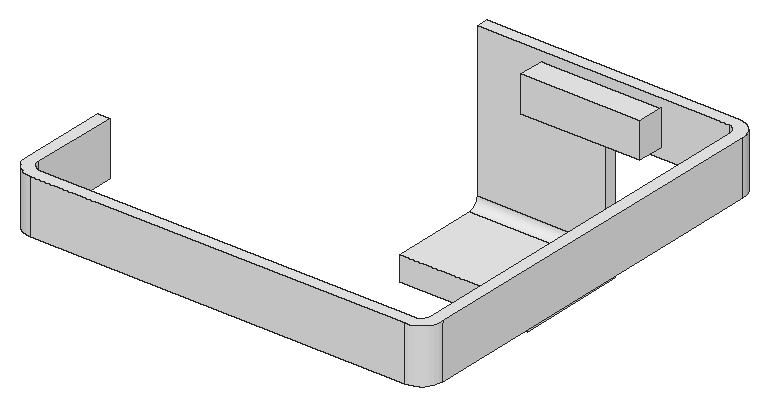
Revit family "Towel-Ring-Delta-Vero", category Furniture, host Face, Revit 2012
Parameters (values of type "Chrome")
  z Width = 6.500"  # constant formula
  z Type = 1
  z Offset = 0.000"  # constant formula
  z Height = 2.900"  # constant formula
  z Depth = 6.500"  # constant formula
  Width = z Width  # 6.500"
  URL = "http://www.deltafaucet.com/index.html"
  Product Page URL = "http://www.deltafaucet.com/bath/details/77746.html"
  Product Material = Chrome - Delta - Polished
  Product Documentation Link = "http://www.deltafaucet.com/media/SpecSheet/DSP-A-77746_Rev_B.pdf"
  Part Number [instance] = Model  # "77746"
  Part Description [instance] = Description  # "Vero Towel Ring, Chrome"
  Model Disclaimer = "Contact Delta Faucet Company for More Information"  # constant formula
  Model = if(z Type = 1, "77746", if(z Type = 2, "77746-CZ", if(z Type = 3, "77746-RB", if(z Type = 4, "77746-SS", "Not Available"))))  # "77746"
  Manufacturer = "Delta Faucet Company"  # constant formula
  Height = z Depth  # 6.500"
  Family Version = "1.0"  # constant formula
  Equipment Number [instance] = ""
  Equipment Abbreviation = "TR"
  Description = if(z Type = 1, "Vero Towel Ring, Chrome", if(z Type = 2, "Vero Towel Ring, Champagne Bronze", if(z Type = 3, "Vero Towel Ring, Venetian Bronze", if(z Type = 4, "Vero Towel Ring, Stainless", "Not Available"))))  # "Vero Towel Ring, Chrome"
  Depth = z Height  # 2.900"
  Default Elevation = 48.000"
  Date Modified = "July 17, 2015"  # constant formula
  Date Created = "July 17, 2015"  # constant formula
  Copyright = "Copyright ©2015 Delta Faucet Company"  # constant formula
Types (5): name | z Type | Product Page URL | Product Material | Part Number | Part Description | Model | Description
  (no name) | 1 | "http://www.deltafaucet.com/bath/details/77746.html" | Chrome - Delta - Polished | "77746" | "Vero Towel Ring, Chrome" | "77746" | "Vero Towel Ring, Chrome"
  Chrome | 1 | "http://www.deltafaucet.com/bath/details/77746.html" | Chrome - Delta - Polished | "77746" | "Vero Towel Ring, Chrome" | "77746" | "Vero Towel Ring, Chrome"
  Champagne Bronze | 2 | "http://www.deltafaucet.com/bath/details/77746-cz.html" | Bronze - Delta - Champagne | "77746-CZ" | "Vero Towel Ring, Champagne Bronze" | "77746-CZ" | "Vero Towel Ring, Champagne Bronze"
  Venetian Bronze | 3 | "http://www.deltafaucet.com/bath/details/77746-rb.html" | Bronze - Delta - Venetian | "77746-RB" | "Vero Towel Ring, Venetian Bronze" | "77746-RB" | "Vero Towel Ring, Venetian Bronze"
  Stainless | 4 | "http://www.deltafaucet.com/bath/details/77746-ss.html" | Stainless Steel - Delta - Polished | "77746-SS" | "Vero Towel Ring, Stainless" | "77746-SS" | "Vero Towel Ring, Stainless"
Reference planes (in)
  plane 1 "Center (Front/Back)": y = 0
  plane 2 "Center (Elevation)": z = 0
  plane 3 "Center (Left/Right)": x = 0
  plane 4: x = -3.25
  plane 5: x = 3.25
  plane 6: y = 0.85
  plane 7: y = -5.65
  plane 8: z = 0
  plane 9: z = 2.9
  plane 10: x = -1
  plane 11: x = 1
  plane 12: y = -0.85
  plane 13: y = 0.665
  plane 14: x = 3.065
  plane 15: y = -5.465
  plane 16: x = -3.065
  plane 17: x = -2.915
  plane 18: x = 2.915
  plane 19: y = 0.515
  plane 20: y = -5.315
  plane 21: z = 0.375
  plane 22: z = 0.525
  plane 23: z = 2.755
  plane 24: z = 2.205
  plane 25: x = 1.85536
  plane 26: y = 0.265
  plane 27: y = -3.92343
Forms (in)
  Sweep 1, solid, material "Chrome - Delta - Polished" <- "Product Material"
    path origin (0, 0, 0) x (1, 0, 0) y (0, 1, 0)
      loop
        line (-1, 0.665) -> (2.915, 0.665)
        arc (2.915, 0.665) -> (3.02107, 0.62107) -> (3.065, 0.515) r 0.15
        line (3.065, 0.515) -> (3.065, -5.315)
        arc (3.065, -5.315) -> (3.02107, -5.42107) -> (2.915, -5.465) r 0.15
        line (2.915, -5.465) -> (-2.915, -5.465)
        arc (-2.915, -5.465) -> (-3.02107, -5.42107) -> (-3.065, -5.315) r 0.15
        line (-3.065, -5.315) -> (-3.065, -3.92343)
    profile origin (0.9575, 0.665, 0) x (0, 1, 0) y (0, 0, 1)
      loop
        line (0.185, 2.9) -> (0, 2.9) -> (0, 2.05652) -> (0.185, 2.05652) -> (0.185, 2.9)
  Extrusion 2, solid, material "Chrome - Delta - Polished" <- "Product Material"
    sketch origin (0, 0, 0) x (0, 1, 0) y (0, 0, 1)
      loop
        line (-0.85, 0) -> (0.85, 0) -> (0.85, 2.9) -> (0.665, 2.9) -> (0.665, 0.525)
        arc (0.665, 0.525) -> (0.62107, 0.41893) -> (0.515, 0.375) r 0.15
        line (0.515, 0.375) -> (-0.85, 0.375) -> (-0.85, 0)
    from -1 to 1
  Extrusion 3, solid, material "Chrome - Delta - Polished" <- "Product Material", detail levels fine
    sketch origin (0, 0, 0) x (1, 0, 0) y (0, 0, 1)
      loop
        line (0, 2.755) -> (0, 2.205) -> (1.85536, 2.205) -> (1.85536, 2.755) -> (0, 2.755)
    from -0.665 to -0.265
Cuts and joins
  joined: Sweep 1, Extrusion 2
Lines and regions (in)
  Masking region 1
    outline origin (0, 0, 0) x (1, 0, 0) y (0, 0, 1)
      loop
        line (-3.25, 2.9) -> (-3.25, 2.205) -> (-1, 2.205) -> (-1, 0) -> (1, 0) -> (1, 2.205) -> (3.25, 2.205) -> (3.25, 2.9) -> (-3.25, 2.9)
  symbolic lines, detail levels fine
    curve 1: line (-1, 0.85, 2.9) -> (-1, 0.85, 2.205)
    curve 2: line (-3.065, 0.85, 2.9) -> (-3.065, 0.85, 2.205)
Dimensions and locks (in)
  "z Width": plane 4 to plane 5
  "z Depth": plane 7 to plane 6
  "z Height": plane 9 to plane 8
  "z Offset": plane 8 to plane 2 "Center (Elevation)"
  equal spacing: plane 4, plane 3 "Center (Left/Right)", plane 5
  plane 7 to plane 15 to plane 20 to plane 27 = 0.185" locked, 0.150" locked, 1.39157" locked
  plane 12 to plane 26 to plane 19 to plane 13 to plane 6 = 1.115" locked, 0.250" locked, 0.150" locked, 0.185" locked
  locked: plane 1 "Center (Front/Back)" to plane 6 at 0.85
  plane 4 to plane 16 to plane 17 to plane 10 = 0.185" locked, 0.150" locked, 1.915" locked
  plane 11 to plane 25 to plane 18 to plane 14 to plane 5 = 0.85536" locked, 1.05964" locked, 0.150" locked, 0.185" locked
  plane 22 to plane 21 to plane 8 = 0.150" locked, 0.375" locked
  plane 9 to plane 23 to plane 24 = 0.145" locked, 0.550" locked
  aligned and locked: plane 2 "Center (Elevation)" to host face
  aligned and locked: level to host face
  aligned and locked: plane 13 to Sweep 1 sketch curve  (x2)
  aligned and locked: Sweep 1 sketch curve to plane 6
  aligned and locked: plane 9 to Sweep 1 sketch curve
  aligned and locked: Sweep 1 sketch curve to plane 14
  aligned and locked: Sweep 1 sketch curve to plane 15
  aligned and locked: plane 16 to Sweep 1 sketch curve
  aligned and locked: plane 17 to Sweep 1 sketch curve
  aligned and locked: plane 18 to Sweep 1 sketch curve  (x2)
  aligned and locked: plane 19 to Sweep 1 sketch curve
  aligned and locked: plane 20 to Sweep 1 sketch curve  (x2)
  aligned and locked: Extrusion 2 sketch curve to plane 6
  aligned and locked: Extrusion 2 sketch curve to plane 8
  aligned and locked: plane 12 to Extrusion 2 sketch curve
  aligned and locked: Extrusion 2 sketch curve to plane 21
  aligned and locked: plane 13 to Extrusion 2 sketch curve
  aligned and locked: plane 19 to Extrusion 2 sketch curve
  aligned and locked: plane 22 to Extrusion 2 sketch curve
  aligned and locked: plane 9 to Extrusion 2 sketch curve
  aligned and locked: Extrusion 2 to plane 10
  aligned and locked: Extrusion 2 to plane 11
  aligned and locked: Extrusion 3 sketch curve to plane 25
  aligned and locked: plane 24 to Extrusion 3 sketch curve
  aligned and locked: Extrusion 3 sketch curve to plane 23
  aligned and locked: plane 3 "Center (Left/Right)" to Extrusion 3 sketch curve
  aligned and locked: Extrusion 3 to plane 13
  aligned and locked: plane 26 to Extrusion 3
  aligned and locked: plane 10 to Sweep 1 sketch curve
  aligned and locked: plane 27 to Sweep 1 sketch curve
  aligned and locked: plane 8 to Masking region 1 sketch curve
  aligned and locked: plane 10 to Masking region 1 sketch curve
  aligned and locked: plane 11 to Masking region 1 sketch curve
  aligned and locked: Masking region 1 sketch curve to plane 9
  aligned and locked: plane 24 to Masking region 1 sketch curve  (x2)
  aligned and locked: plane 4 to Masking region 1 sketch curve
  aligned and locked: Masking region 1 sketch curve to plane 5
  aligned and locked: curve 1 to plane 10
  aligned and locked: curve 2 to plane 16
Automatic sketch dimensions
  host sketch curve to host sketch curve = 1.21168"
  host sketch curve to host sketch curve = 1.49321"
  Sweep 1 sketch curve to Sweep 1 sketch curve = 0.84348"
  curve 2 to plane 9 = 0.000"
  curve 2 to plane 24 = 0.000"
  curve 1 to plane 24 = 0.000"
  curve 1 to plane 9 = 0.000"
